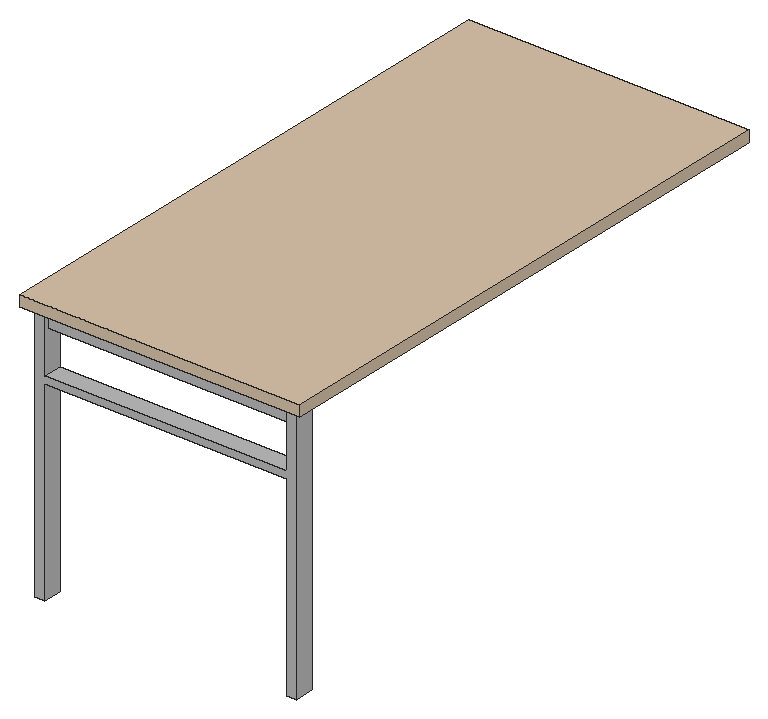
Revit family "Haworth_Patterns_Worksurface_RectangularConvergent", category Furniture Systems, Revit 2018
Family settings
  Round Connector Dimension = Use Diameter
  Part Type = Normal
  OmniClass Number = 23.40.70.14.64.21.21
  OmniClass Title = Desk System
  Work Plane-Based = No
  Always vertical = Yes
  Cut with Voids When Loaded = No
  Shared = No
  Room Calculation Point = No
Parameters (values of type "30w 60L")
  Worksurface Finish = Haworth _ Wood _ White Oak
  Worksurface Edge Finish = Haworth _ Wood _ White Oak
  Warranty = "http://www.haworth.com/resources/product-info/warranties"
  URL - Product = "https://www.haworth.com/na/en/products/collaborative-conference/patterns.html"
  Sustainability Info = "http://www.haworth.com/company-info/sustainability"
  Support Panel = no
  Support Finish = Haworth _ Paint _ Metallic Champagne
  Support Column = no
  Standard Worksurface Thickness = not(Deep Worksurface Thickness)  # yes
  No Supports [instance] = not(or(Support Panel, Support Column, Double Support Leg, Disc Base Support))  # no
  Model = "Haworth - Worksurface - Patterns Convergent - Rectangular"  # constant formula
  Min. Height = 26"  # constant formula
  Max. Height = 42"  # constant formula
  Leg Location = 15"  # constant formula
  Type Comments = ""
  Length = 60"
  URL = "https://www.haworth.com/na/en.html"
  Support Height = Actual Height - Top Thickness  # 27 13/16"
  Size = "Verify Final Dim. w/ Haworth"  # constant formula
  Revision Number = "3"  # constant formula
  Standard Length = "42-96 in. @ 6 in. increments"  # constant formula
  Standard Widths = "24, 30, 36 in."  # constant formula
  Min. Width = 42"  # constant formula
  Max. Width = 96"  # constant formula
  Min. Depth = 24"  # constant formula
  Max. Depth = 36"  # constant formula
  Manufacturer = "Haworth"  # constant formula
  Height = 29"
  End Support Location = if(Support Panel, 3/4", 1 3/4")  # 1 3/4"
  End = or(Support Panel, Double Support Leg)  # yes
  Double Support Leg = yes
  Disc Base Support = no
  Description = "Haworth - Worksurface - Patterns Convergent - Rectangular"  # constant formula
  Width = 30"
  Deep Worksurface Thickness = no
  Custom Size = not(and(and(not(Height > 32"), not(Height < 26")), or(Width = 24", Width = 30", Width = 36"), or(Length = 42", Length = 48", Length = 54", Length = 60", Length = 66", Length = 72", Length = 78", Length = 84", Length = 90", Length = 96")))  # no
  Author = "SHAPE Environments, LLC"  # constant formula
  Assembly Code = "E2020200"
  Actual Width = if(Width > Max. Depth, Max. Depth, if(Width < Min. Depth, Min. Depth, Width))  # 30"
  Actual Length = if(Length > Max. Width, Max. Width, if(Length < Min. Width, Min. Width, Length))  # 60"
  Actual Height = if(Height > Max. Height, Max. Height, if(Height < Min. Height, Min. Height, Height))  # 29"
  Top Thickness = if(Deep Worksurface Thickness, 2", 1 3/16")  # 1 3/16"
Reference planes (in)
  plane 1 "Center F/B": y = 0
  plane 2 "Floor": z = 0
  plane 3 "Center L/R": x = 0
  plane 4 "Left": y = -30
  plane 5 "Right": y = 30
  plane 6 "Table Edge Back": x = 15
  plane 7 "Table Edge Front": x = -15
  plane 8 "Top": z = 29
  plane 9 "Top Bottom": z = 27.8125
  plane 10 "masking region": z = 27
Forms (in)
  Extrusion 1, solid, material "Haworth _ Wood _ White Oak" <- "Worksurface Finish"
    sketch origin (0, 0, 0) x (0, 1, 0) y (-1, 0, 0)
      loop
        line (30, 15) -> (-30, 15) -> (-30, -15) -> (30, -15) -> (30, 15)
    from 27.8125 to 29
Lines and regions (in)
  Masking region 1
    outline origin (0, 0, 27) x (0, -1, 0) y (1, 0, 0)
      loop
        line (-30, -15) -> (30, -15) -> (30, 15) -> (-30, 15) -> (-30, -15)
Dimensions and locks (in)
  "Actual Width": plane 7 "Table Edge Front" to plane 6 "Table Edge Back"
  "Actual Length": plane 4 "Left" to plane 5 "Right"
  "Actual Height": plane 8 "Top" to level
  "Top Thickness": plane 8 "Top" to plane 9 "Top Bottom"
  "End Support Location": plane 4 "Left" to nested 1
  locked: plane 4 "Left" to nested 2 at 15
  equal spacing: plane 7 "Table Edge Front", plane 3 "Center L/R", plane 6 "Table Edge Back"
  equal spacing: plane 5 "Right", plane 1 "Center F/B", plane 4 "Left"
  locked: plane 8 "Top" to plane 10 "masking region" at 2
  aligned: nested 1 to plane 4 "Left"  (x2)
  aligned: plane 1 "Center F/B" to nested 1
  aligned and locked: Extrusion 1 sketch curve to plane 4 "Left"
  aligned and locked: Extrusion 1 sketch curve to plane 6 "Table Edge Back"
  aligned and locked: plane 7 "Table Edge Front" to Extrusion 1 sketch curve
  aligned and locked: plane 5 "Right" to Extrusion 1 sketch curve
  aligned and locked: Extrusion 1 to plane 8 "Top"
  aligned and locked: plane 9 "Top Bottom" to Extrusion 1
  aligned and locked: plane 3 "Center L/R" to nested 2
  aligned and locked: nested 1 to plane 3 "Center L/R"
  aligned and locked: Masking region 1 sketch curve to plane 5 "Right"
  aligned and locked: plane 4 "Left" to Masking region 1 sketch curve
  aligned and locked: nested 1 to plane 9 "Top Bottom"
Automatic sketch dimensions
  Masking region 1 sketch curve to plane 7 "Table Edge Front" = 0"
  Masking region 1 sketch curve to plane 6 "Table Edge Back" = 0"
Nested families (in)
  nested 1: "Haworth_Worksurface-Support_Part-End" at (-7.86431, -36.75, 0) x (0, 1, 0) z (0, 0, 1), visible <- "End", type "Support"
    with Worksurface Depth 25", Support Double Leg yes, Leg Support yes
  nested 2: "Haworth_Worksurface-Support_Part-Round" at (5.5, -15, 0) x (0, 1, 0) z (0, 0, 1), type "Base"
    with Support Column no, Disc Base no
Definition of nested family "Haworth_Worksurface-Support_Part-End"
  Parameters
    Worksurface Height = 29"
    Worksurface Depth = 30"
    Warranty = ""
    URL - Product = ""
    URL = "www.haworth.com"
    Top Thickness = 1 3/16"
    Sustainability Info = ""
    Support Thickness = if(Support Panel, 1 1/2", 2")  # 2"
    Support Panel = no
    Support P Leg = no
    Support Height = Actual Height - Top Thickness  # 27 13/16"
    Support Finish = none
    Support Double Leg = no
    Size = "Verify Final Dim. w/ Haworth"  # constant formula
    Revision Number = "1"  # constant formula
    Model = "Worksurface"
    Min/Max Height = "26-32 in."  # constant formula
    Min/Max Depth = "18-36 in."  # constant formula
    Min. Height = 20"  # constant formula
    Min. Depth = 18"  # constant formula
    Max. Height = 48"  # constant formula
    Max. Depth = 36"  # constant formula
    Manufacturer = "Haworth"  # constant formula
    Leg Support = or(Support P Leg, Support Double Leg)  # no
    LEED Data = ""
    Description = "Worksurface Support End"  # constant formula
    Bottom Strut Thickness = 1"  # constant formula
    Bottom Strut Location = 9"  # constant formula
    Back Support Location = if(Support P Leg, 0", 1")  # 1"
    Author = "SHAPE Environments, LLC"  # constant formula
    Assembly Code = ""
    Actual Top Thickness = if(Top Thickness > 3", 3", if(Top Thickness < 1", 1", Top Thickness))  # 1 3/16"
    Actual Height = 29"
    Actual Depth = 30"
  Reference planes (in)
    plane 1: z = 0
    plane 2 "Center L/R": x = 8.5
    plane 3 "Support Left Edge": x = 7.5
    plane 4 "Support Right Edge": x = 9.5
    plane 5 "Back": y = 7.13569
    plane 6 "Front": y = -22.86431
    plane 7 "Support Top": z = 27.8125
    plane 8 "Mid Strut Top": z = 21.5625
    plane 9 "Mid Strut Bottom": z = 20.8125
    plane 10 "Top Strut Bottom": z = 26.0625
    plane 11 "Front Support Exterior": y = -21.86431
    plane 12 "Front Support Interior": y = -20.86431
    plane 13 "Back Support Interior": y = 5.13569
    plane 14 "Back Support Exterior": y = 6.13569
    plane 15 "Center F/B": y = -7.86431
  Forms (in)
    Extrusion 1, solid, material <- "Support Finish", visible <- "Support Panel"
      sketch origin (0, 0, 0) x (1, 0, 0) y (0, 1, 0)
        loop
          line (7.5, 7.13569) -> (7.5, -22.86431) -> (9.5, -22.86431) -> (9.5, 7.13569) -> (7.5, 7.13569)
      from 0 to 27.8125
    Extrusion 2, solid, material <- "Support Finish", visible <- "Support P Leg"
      sketch origin (8.5, 0, 0) x (0, 1, 0) y (0, 0, 1)
        loop
          line (6.13569, 20.8125) -> (6.13569, 27.8125) -> (5.13569, 27.8125) -> (5.13569, 21.5625) -> (-20.86431, 21.5625) -> (-20.86431, 27.8125) -> (-21.86431, 27.8125) -> (-21.86431, 0) -> (-20.86431, 0) -> (-20.86431, 20.8125) -> (6.13569, 20.8125)
      from -1 to 1
    Extrusion 3, solid, material <- "Support Finish", visible <- "Support Double Leg"
      sketch origin (8.5, 0, 0) x (0, 1, 0) y (0, 0, 1)
        loop
          line (5.13569, 20.8125) -> (5.13569, 0) -> (6.13569, 0) -> (6.13569, 27.8125) -> (5.13569, 27.8125) -> (5.13569, 21.5625) -> (-20.86431, 21.5625) -> (-20.86431, 27.8125) -> (-21.86431, 27.8125) -> (-21.86431, 0) -> (-20.86431, 0) -> (-20.86431, 20.8125) -> (5.13569, 20.8125)
      from -1 to 1
    Extrusion 4, solid, material <- "Support Finish", visible <- "Leg Support"
      sketch origin (8.5, 0, 0) x (0, 1, 0) y (0, 0, 1)
        loop
          line (5.13569, 27.8125) -> (-20.86431, 27.8125) -> (-20.86431, 26.0625) -> (5.13569, 26.0625) -> (5.13569, 27.8125)
      from -0.625 to 0.625
  Lines and regions (in)
    symbolic lines, visible <- "Support Double Leg", detail levels fine
      curve 1: line (7.5, 7.13569, 0) -> (9.5, 7.13569, 0)
      curve 6: line (7.5, -21.86431, 0) -> (7.5, 7.13569, 0)
      curve 7: line (9.5, -21.86431, 0) -> (7.5, -21.86431, 0)
      curve 8: line (9.5, 7.13569, 0) -> (9.5, -21.86431, 0)
    symbolic lines, visible <- "Support Panel", detail levels fine
      curve 2: line (7.5, -22.86431, 0) -> (7.5, 7.13569, 0)
      curve 3: line (9.5, -22.86431, 0) -> (7.5, -22.86431, 0)
      curve 4: line (9.5, 7.13569, 0) -> (9.5, -22.86431, 0)
      curve 9: line (7.5, 7.13569, 0) -> (9.5, 7.13569, 0)
    symbolic lines, visible <- "Support P Leg", detail levels fine
      curve 5: line (7.5, 7.13569, 0) -> (9.5, 7.13569, 0)
      curve 10: line (7.5, -21.86431, 0) -> (7.5, 7.13569, 0)
      curve 11: line (9.5, -21.86431, 0) -> (7.5, -21.86431, 0)
      curve 12: line (9.5, 7.13569, 0) -> (9.5, -21.86431, 0)
  Dimensions and locks (in)
    "Support Thickness": plane 3 "Support Left Edge" to plane 4 "Support Right Edge"
    equal spacing: plane 3 "Support Left Edge", plane 2 "Center L/R", plane 4 "Support Right Edge"
    "Actual Depth": plane 5 "Back" to plane 6 "Front"
    locked: plane 7 "Support Top" to plane 10 "Top Strut Bottom" at 1.75
    "Support Height": plane 7 "Support Top" to level
    "Back Support Location": plane 5 "Back" to plane 14 "Back Support Exterior"
    locked: plane 14 "Back Support Exterior" to plane 13 "Back Support Interior" at 1
    plane 12 "Front Support Interior" to plane 11 "Front Support Exterior" to plane 6 "Front" = 1" locked, 1" locked
    plane 7 "Support Top" to plane 9 "Mid Strut Bottom" = 7"
    locked: plane 8 "Mid Strut Top" to plane 9 "Mid Strut Bottom" at 0.75
    equal spacing: plane 5 "Back", plane 15 "Center F/B", plane 6 "Front"
    aligned and locked: plane 3 "Support Left Edge" to Extrusion 1 sketch curve
    aligned and locked: Extrusion 1 sketch curve to plane 5 "Back"
    aligned and locked: plane 6 "Front" to Extrusion 1 sketch curve
    aligned and locked: Extrusion 1 sketch curve to plane 4 "Support Right Edge"
    aligned and locked: plane 7 "Support Top" to Extrusion 1
    aligned: Extrusion 1 to level
    aligned and locked: Extrusion 1 to plane 7 "Support Top"
    aligned and locked: Extrusion 1 to plane 1
    aligned and locked: plane 1 to Extrusion 1
    aligned and locked: plane 9 "Mid Strut Bottom" to Extrusion 2 sketch curve
    aligned and locked: plane 8 "Mid Strut Top" to Extrusion 2 sketch curve
    aligned and locked: plane 12 "Front Support Interior" to Extrusion 2 sketch curve
    aligned and locked: plane 11 "Front Support Exterior" to Extrusion 2 sketch curve
    aligned and locked: plane 7 "Support Top" to Extrusion 2 sketch curve
    aligned and locked: level to Extrusion 2 sketch curve
    aligned and locked: plane 13 "Back Support Interior" to Extrusion 3 sketch curve
    aligned and locked: Extrusion 3 sketch curve to plane 13 "Back Support Interior"
    aligned and locked: Extrusion 3 sketch curve to plane 14 "Back Support Exterior"
    aligned and locked: Extrusion 3 sketch curve to plane 7 "Support Top"  (x2)
    aligned and locked: Extrusion 3 sketch curve to plane 11 "Front Support Exterior"
    aligned and locked: Extrusion 3 sketch curve to plane 12 "Front Support Interior"  (x2)
    aligned and locked: Extrusion 3 sketch curve to plane 9 "Mid Strut Bottom"
    aligned and locked: Extrusion 3 sketch curve to plane 8 "Mid Strut Top"
    aligned and locked: plane 3 "Support Left Edge" to Extrusion 3
    aligned and locked: plane 3 "Support Left Edge" to Extrusion 2
    aligned and locked: plane 4 "Support Right Edge" to Extrusion 3
    aligned and locked: plane 4 "Support Right Edge" to Extrusion 2
    aligned and locked: plane 13 "Back Support Interior" to Extrusion 2 sketch curve
    aligned and locked: Extrusion 2 sketch curve to plane 14 "Back Support Exterior"
    aligned and locked: plane 13 "Back Support Interior" to Extrusion 4 sketch curve
    aligned and locked: plane 10 "Top Strut Bottom" to Extrusion 4 sketch curve
    aligned and locked: plane 7 "Support Top" to Extrusion 4 sketch curve
    aligned and locked: plane 12 "Front Support Interior" to Extrusion 4 sketch curve
  Automatic sketch dimensions
    Extrusion 2 sketch curve to Extrusion 2 sketch curve = 0"
    Extrusion 2 sketch curve to plane 7 "Support Top" = 0"
    Extrusion 3 sketch curve to level = 0"  (x2)
    curve 10 to plane 3 "Support Left Edge" = 0"
    curve 7 to plane 4 "Support Right Edge" = 0"
    curve 3 to plane 6 "Front" = 0"
    plane 11 "Front Support Exterior" to curve 11 = 0"
    curve 9 to plane 5 "Back" = 0"
Definition of nested family "Haworth_Worksurface-Support_Part-Round"
  Parameters
    Warranty = ""
    URL - Product = ""
    URL = "www.haworth.com"
    Support Column = yes
    Leg Height = 27 13/16"
    Disc Radius = 10 1/2"
    Disc Base = yes
    Base Finish = none
    Sustainability Info = ""
    Size = "Verify Final Dim. w/ Haworth"  # constant formula
    Revision Number = ""
    OmniClass Number = ""
    Material Options = ""
    Manufacturer = "Haworth"  # constant formula
    LEED Data = ""
    Author = "SHAPE Environments, LLC"  # constant formula
    Assembly Code = ""
  Reference planes (in)
    plane 1 "Center F/B": y = 5.5
    plane 2: z = 0
    plane 3 "Center L/R": x = 0
    plane 4 "Table Bottom": z = 27.8125
  Forms (in)
    Revolve 1, solid, material <- "Base Finish", visible <- "Disc Base"
      sketch origin (0, 5.5, 0) x (1, 0, 0) y (0, 0, 1)
        loop
          line (0, 27.8125) -> (-1.5, 27.8125) -> (-1.5, 1.25) -> (-3.53244, 1.25) -> (-4.28244, 0.5) -> (-10.5, 0.5) -> (-10.5, 0) -> (0, 0) -> (0, 27.8125)
        axis (0, 27.8125) -> (0, 0)
      angle from 0 to 360
    Revolve 2, solid, material <- "Base Finish", visible <- "Support Column"
      sketch origin (0, 5.5, 0) x (1, 0, 0) y (0, 0, 1)
        loop
          line (0, 27.8125) -> (-1.5, 27.8125) -> (-1.5, 0) -> (0, 0) -> (0, 27.8125)
        axis (0, 27.8125) -> (0, 0)
      angle from 0 to 360
  Lines and regions (in)
    symbolic lines, visible <- "Disc Base", detail levels fine
      curve 1: circle (0, 5.5, 0) r 10.5 normal (0, 0, 1)
      curve 3: circle (0, 5.5, 0) r 1.5 normal (0, 0, 1)
    symbolic lines, visible <- "Support Column", detail levels fine
      curve 2: circle (0, 5.5, 0) r 1.5 normal (0, 0, 1)
  Dimensions and locks (in)
    "Disc Radius": plane 3 "Center L/R" to Revolve 1 sketch curve
    "Leg Height": plane 4 "Table Bottom" to level
    plane 3 "Center L/R" to Revolve 1 sketch curve = 1 1/2"
    locked: plane 3 "Center L/R" to Revolve 2 sketch curve at 1.5
    aligned and locked: Revolve 1 to plane 4 "Table Bottom"  (x2)
  Automatic sketch dimensions
    Revolve 1 sketch curve to level = 0"
    Revolve 1 sketch curve to plane 4 "Table Bottom" = 0"
    Revolve 1 sketch curve to plane 3 "Center L/R" = 0"  (x2)
    Revolve 1 sketch curve to Revolve 1 sketch curve = 2.03244"
    level to Revolve 1 sketch curve = 1/2"
    Revolve 1 sketch curve to Revolve 1 sketch curve = 3/4"
    Revolve 1 sketch curve to Revolve 1 sketch curve = 6.24462"
    level to Revolve 1 sketch curve = 1 1/4"
    Revolve 1 sketch curve to Revolve 1 sketch curve = 7.21204"
    Revolve 2 sketch curve to plane 4 "Table Bottom" = 0"
    Revolve 2 sketch curve to plane 3 "Center L/R" = 0"  (x2)
    Revolve 2 sketch curve to Revolve 2 sketch curve = 6.24462"
    Revolve 2 sketch curve to Revolve 2 sketch curve = 7.21204"
    Revolve 2 sketch curve to level = 0"
    curve 1 to curve 2 = 0"  (x2)
    curve 1 to curve 3 = 0"  (x2)
    curve 2 to curve 3 = 0"  (x2)
    plane 1 "Center F/B" to curve 2 = 0"
    curve 2 to plane 3 "Center L/R" = 0"
    radius of curve 1 = 10 1/2"
    radius of curve 2 = 1 1/2"
    radius of curve 3 = 1 1/2"
